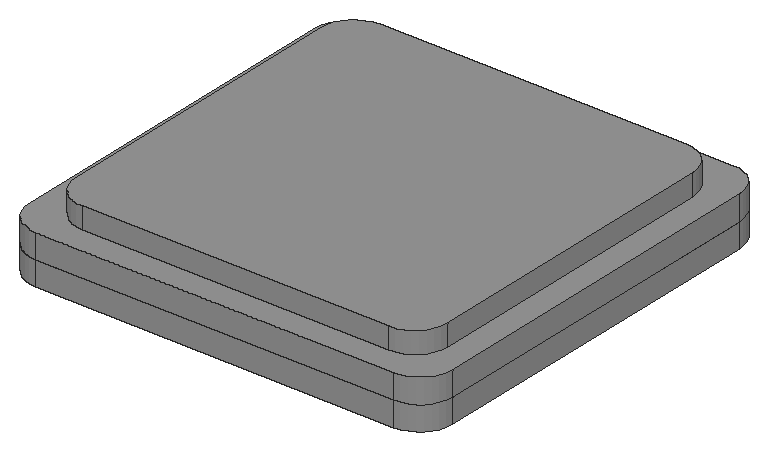
Revit family "FMS2_63_UN_Surface-mounted_ETK", category Lighting Fixtures, Revit 2019 (continued)
Definition of nested family "FMS.2 - Lightsource"
  Types (14, lengths in mm): name | Wattage Comments | Wattage | built-in parameter 1150134 | Photometric Web File | built-in parameter 1150142 | built-in parameter 1150105 | Lumens | built-in parameter 1150107 | built-in parameter 1150106 | Apparent Load
      556.659\t549.7902\t542.9214\t536.0526\t529.1838\t521.4564\r\n513.4428\t505.7154\t497.988\t490.2606\t482.247\t474.5196\t466.7922\t459.0648\t451.3374\t443.61\r\n435.8826\t428.1552\t420.4278\t412.7004\t404.973\t397.5318\t389.8044\t382.077\t374.0634\t366.0498\r\n358.0362\t350.0226\t342.009\t333.9954\t325.9818\t317.9682\t309.9546\t301.941\t294.2136\t286.2\r\n278.3009\t270.4018\t262.5026\t254.6035\t246.733\t238.8625\t231.6789\t224.4953\t217.3403\t210.1853\r\n203.0303\t195.8753\t188.7489\t181.6225\t174.5248\t167.3984\t160.3006\t153.2029\t146.1051\t139.036\r\n131.9382\t124.8691\t117.7999\t108.5557\t95.5336\t82.4828\t69.4607\t56.4386\t43.4165\t30.3944\r\n17.3752\t4.3531\t0\t0\t0\t0\t0\t0\t0\t0\r\n0\r\n985.6728\t984.8142\t983.9556\t983.3832\t982.2384\t981.3798\t980.5212\t979.6626\t978.804\t977.9454\r\n976.8006\t975.942\t975.0834\t973.9386\t973.08\t971.649\t970.5042\t969.0732\t967.9284\t966.7836\r\n965.925\t964.7802\t963.063\t961.632\t960.201\t957.6252\t954.7632\t951.9012\t949.3254\t946.4634\r\n943.6014\t940.4532\t937.5912\t934.443\t931.0086\t927.8604\t924.9984\t921.8502\t918.9882\t915.84\r\n912.4056\t908.9712\t905.5368\t902.1024\t898.9542\t895.806\t892.3716\t888.9372\t885.5028\t880.6374\r\n876.0582\t871.479\t866.8998\t862.3206\t857.4552\t852.5898\t847.4382\t842.5728\t837.7074\t832.842\r\n827.9766\t822.825\t817.9596\t813.0942\t808.515\t803.6496\t798.7842\t793.6326\t788.7672\t783.9018\r\n778.7502\t773.0262\t766.7298\t760.4334\t754.4232\t748.1268\t742.1166\t735.8202\t729.81\t723.2274\r\n716.931\t710.6346\t704.3382\t698.328\t692.0316\t685.7352\t679.725\t673.4286\t667.1322\t660.8358\r\n654.8256\t648.5292\t641.6604\t634.7916\t627.6366\t620.4816\t613.3266\t606.1716\t599.0166\t591.8616\r\n584.7066\t577.5516\t570.6828\t563.5278\t556.3728\t549.504\t542.349\t535.194\t528.039\t520.884\r\n514.0152\t506.8602\t498.8466\t491.1192\t483.1056\t475.3782\t467.3646\t459.6372\t451.9098\t443.8962\r\n436.1688\t428.4414\t420.714\t412.9866\t404.973\t397.2456\t389.5182\t381.5046\t373.7772\t366.0498\r\n358.3224\t350.3088\t342.2952\t334.2816\t326.268\t318.5406\t310.527\t302.5134\t294.4998\t286.7724\r\n278.816\t270.9455\t263.1037\t255.2618\t247.4199\t239.6066\t231.7934\t224.1232\t217.0255\t209.9277\r\n202.8586\t195.7894\t188.7489\t181.7084\t174.6965\t167.6846\t160.6727\t153.6608\t146.6775\t139.6656\r\n132.7109\t125.7277\t118.773\t111.8183\t102.1734\t89.0654\t75.9575\t62.8781\t49.7702\t36.6908\r\n23.5915\t10.4978\t0\t0\t0\t0\t0\t0\t0\t0\r\n0\r\n985.6728\t984.8142\t984.2418\t983.3832\t982.5246\t981.666\t980.5212\t979.6626\t978.804\t977.9454\r\n977.0868\t976.2282\t975.0834\t973.9386\t972.7938\t971.3628\t970.218\t969.0732\t968.2146\t966.7836\r\n965.3526\t963.9216\t962.2044\t960.7734\t959.3424\t957.9114\t956.4804\t953.6184\t950.7564\t947.6082\r\n944.46\t941.0256\t938.1636\t935.3016\t932.1534\t929.0052\t925.5708\t921.8502\t918.4158\t915.2676\r\n912.1194\t908.9712\t905.2506\t901.8162\t898.3818\t894.9474\t891.513\t888.0786\t884.358\t880.6374\r\n876.6306\t872.6238\t867.7584\t863.1792\t858.3138\t853.1622\t848.2968\t843.4314\t838.2798\t833.1282\r\n828.2628\t823.1112\t817.9596\t813.0942\t807.9426\t802.791\t797.6394\t792.4878\t787.3362\t782.1846\r\n777.033\t771.8814\t766.7298\t761.5782\t756.4266\t750.1302\t743.8338\t737.5374\t731.241\t724.9446\r\n718.6482\t712.0656\t705.7692\t699.1866\t692.604\t686.0214\t679.725\t673.1424\t666.846\t660.2634\r\n653.967\t647.3844\t640.8018\t634.5054\t627.9228\t621.6264\t614.7576\t607.3164\t600.1614\t592.7202\r\n585.5652\t578.124\t570.969\t563.5278\t556.3728\t549.2178\t541.7766\t534.6216\t527.4666\t520.3116\r\n512.8704\t505.7154\t498.5604\t491.4054\t484.2504\t476.8092\t468.7956\t460.782\t453.0546\t445.041\r\n437.3136\t429.3\t421.2864\t413.2728\t405.5454\t397.5318\t389.8044\t381.7908\t374.0634\t366.0498\r\n358.3224\t350.595\t342.8676\t334.854\t326.8404\t318.8268\t311.0994\t303.0858\t295.0722\t287.3448\r\n279.3884\t271.5179\t263.6474\t255.8056\t247.9923\t240.179\t232.3944\t224.6384\t216.911\t209.2981\r\n202.2862\t195.3315\t188.3482\t181.3936\t174.4675\t167.5415\t160.6441\t153.7466\t146.8778\t140.009\r\n133.1689\t126.3287\t119.4885\t112.6769\t105.8654\t96.6211\t83.4273\t70.2621\t57.0969\t43.9031\r\n30.7379\t17.5498\t4.3703\t0\t0\t0\t0\t0\t0\t0\r\n0\r\n985.6728\t985.1004\t984.2418\t983.3832\t982.5246\t981.666\t980.8074\t979.9488\t979.0902\t978.2316\r\n977.373\t976.5144\t975.3696\t973.9386\t972.5076\t971.649\t970.5042\t969.3594\t967.9284\t966.4974\r\n964.7802\t963.3492\t961.632\t960.201\t958.77\t957.339\t955.6218\t953.6184\t951.9012\t948.753\r\n945.891\t943.029\t939.5946\t936.1602\t932.4396\t929.2914\t926.1432\t922.995\t919.5606\t915.84\r\n912.4056\t908.9712\t905.5368\t902.1024\t898.0956\t894.0888\t890.3682\t886.6476\t883.2132\t879.4926\r\n875.4858\t871.479\t867.4722\t863.4654\t859.4586\t854.8794\t849.7278\t844.8624\t839.7108\t834.273\r\n829.1214\t823.6836\t818.532\t813.3804\t807.9426\t802.791\t797.6394\t792.4878\t787.3362\t781.8984\r\n776.4606\t771.0228\t765.585\t760.1472\t754.7094\t748.9854\t743.5476\t737.8236\t732.672\t726.6618\r\n720.0792\t713.4966\t706.914\t700.3314\t693.7488\t687.1662\t680.5836\t674.001\t667.1322\t660.5496\r\n653.967\t647.0982\t640.5156\t633.933\t627.0642\t620.4816\t613.899\t607.3164\t600.4476\t593.865\r\n586.9962\t579.555\t572.1138\t564.6726\t557.2314\t549.7902\t542.349\t534.9078\t527.4666\t520.0254\r\n512.5842\t505.4292\t497.988\t490.5468\t483.1056\t475.9506\t468.5094\t461.3544\t453.9132\t446.472\r\n438.4584\t430.4448\t422.4312\t414.1314\t406.1178\t398.1042\t390.0906\t382.077\t374.3496\t366.336\r\n358.3224\t350.595\t342.5814\t334.854\t326.8404\t319.113\t311.3856\t303.372\t295.3584\t287.631\r\n279.6746\t271.8328\t264.0481\t256.2635\t248.5075\t240.7514\t233.024\t225.3253\t217.6551\t209.9849\r\n202.3434\t194.7019\t187.7472\t180.907\t174.0668\t167.2553\t160.4723\t153.718\t146.9637\t140.238\r\n133.5123\t126.8152\t120.1181\t113.4497\t106.8098\t100.17\t92.0992\t78.7909\t65.4826\t52.1743\r\n38.866\t25.5577\t12.2465\t0\t0\t0\t0\t0\t0\t0\r\n0\r\n985.6728\t985.1004\t984.2418\t983.6694\t982.8108\t981.9522\t981.0936\t980.235\t979.6626\t978.804\r\n977.6592\t976.5144\t975.3696\t973.9386\t972.7938\t971.9352\t970.7904\t969.0732\t967.6422\t966.2112\r\n964.494\t963.063\t961.3458\t959.9148\t958.1976\t956.1942\t954.1908\t952.7598\t951.0426\t949.3254\r\n946.7496\t943.8876\t940.4532\t937.5912\t934.443\t931.0086\t927.288\t923.8536\t920.4192\t916.9848\r\n913.2642\t909.2574\t905.5368\t901.8162\t898.3818\t894.6612\t890.6544\t886.3614\t882.3546\t878.3478\r\n874.341\t870.3342\t866.3274\t862.3206\t857.7414\t853.4484\t849.1554\t844.8624\t840.5694\t836.5626\r\n831.411\t826.2594\t820.8216\t815.0976\t809.3736\t803.9358\t798.2118\t792.774\t787.05\t781.6122\r\n775.8882\t770.4504\t765.0126\t759.5748\t753.8508\t748.1268\t742.4028\t736.6788\t730.9548\t725.2308\r\n719.5068\t713.7828\t708.0588\t702.3348\t696.3246\t689.4558\t682.587\t675.7182\t668.8494\t661.9806\r\n655.1118\t648.5292\t641.3742\t634.5054\t627.3504\t620.4816\t613.6128\t606.744\t599.8752\t592.7202\r\n585.8514\t578.9826\t572.1138\t565.245\t558.09\t551.5074\t543.78\t536.3388\t528.6114\t520.884\r\n513.1566\t505.4292\t497.988\t490.5468\t482.8194\t475.3782\t467.937\t460.2096\t452.7684\t445.3272\r\n437.886\t430.4448\t423.0036\t415.5624\t407.835\t399.5352\t391.5216\t383.2218\t375.2082\t367.1946\r\n359.181\t351.1674\t343.1538\t335.1402\t327.1266\t319.113\t311.3856\t303.372\t295.6446\t287.9172\r\n280.0181\t272.1762\t264.3629\t256.5783\t248.8509\t241.1235\t233.4533\t225.8118\t218.2275\t210.6432\r\n203.0875\t195.5605\t188.062\t180.5922\t173.38\t166.6829\t159.9858\t153.346\t146.7347\t140.1235\r\n133.5695\t127.0156\t120.4902\t113.9648\t107.4681\t101\t94.5319\t88.0637\t75.0416\t61.5616\r\n48.0816\t34.573\t21.0872\t7.5929\t0\t0\t0\t0\t0\t0\r\n0\r\n985.6728\t985.1004\t984.528\t983.6694\t982.8108\t981.9522\t981.3798\t980.8074\t979.9488\t979.0902\r\n978.2316\t976.8006\t975.3696\t974.2248\t973.3662\t972.2214\t970.7904\t969.0732\t967.6422\t965.925\r\n964.494\t962.7768\t961.3458\t959.3424\t957.339\t955.6218\t953.9046\t952.1874\t949.6116\t947.0358\r\n945.0324\t943.029\t941.0256\t938.4498\t935.874\t932.7258\t929.2914\t925.857\t921.8502\t918.1296\r\n914.409\t910.9746\t907.254\t903.2472\t898.9542\t894.9474\t890.9406\t886.9338\t882.6408\t878.634\r\n874.341\t869.7618\t865.4688\t861.1758\t856.8828\t852.5898\t848.2968\t844.0038\t839.4246\t834.5592\r\n829.6938\t825.1146\t820.2492\t815.67\t811.0908\t806.2254\t800.5014\t795.0636\t789.3396\t783.6156\r\n777.6054\t771.5952\t765.585\t759.5748\t753.8508\t747.8406\t742.1166\t736.1064\t730.0962\t724.086\r\n718.0758\t712.3518\t706.3416\t700.3314\t694.3212\t688.0248\t682.0146\t676.0044\t669.9942\t663.984\r\n657.6876\t650.8188\t643.6638\t636.2226\t629.0676\t621.9126\t614.7576\t607.8888\t600.4476\t593.2926\r\n585.8514\t578.6964\t571.5414\t564.3864\t557.2314\t550.0764\t542.9214\t535.7664\t528.6114\t521.4564\r\n514.3014\t507.1464\t499.7052\t491.6916\t483.9642\t476.2368\t468.2232\t460.4958\t452.7684\t445.041\r\n437.3136\t429.5862\t422.145\t414.4176\t406.9764\t399.249\t391.8078\t384.3666\t376.9254\t368.9118\r\n360.8982\t352.5984\t344.2986\t335.9988\t327.9852\t319.9716\t311.958\t303.9444\t296.217\t288.2034\r\n280.2184\t272.3193\t264.4488\t256.6069\t248.9368\t241.2952\t233.6823\t226.1266\t218.5709\t211.0439\r\n203.5454\t196.1042\t188.6917\t181.3363\t174.0382\t166.7687\t159.4993\t152.7163\t146.2196\t139.7515\r\n133.312\t126.9297\t120.5474\t114.1938\t107.8688\t101.5724\t95.3046\t89.0368\t82.7977\t72.4372\r\n58.6424\t44.8762\t31.0813\t17.3037\t3.5117\t0\t0\t0\t0\t0\r\n0\r\n985.6728\t985.1004\t984.528\t983.9556\t983.097\t982.2384\t981.666\t981.0936\t980.235\t979.3764\r\n978.2316\t976.8006\t975.942\t974.7972\t973.9386\t972.5076\t970.7904\t969.3594\t967.6422\t966.2112\r\n964.494\t963.063\t961.0596\t959.0562\t957.339\t955.6218\t953.3322\t950.7564\t948.4668\t946.4634\r\n944.46\t941.8842\t939.3084\t937.0188\t934.443\t931.8672\t929.0052\t926.1432\t923.5674\t920.9916\r\n917.271\t912.978\t908.685\t904.9644\t900.9576\t896.6646\t892.3716\t888.0786\t883.7856\t879.4926\r\n874.9134\t870.6204\t866.3274\t862.0344\t857.4552\t852.876\t848.0106\t843.1452\t838.2798\t833.4144\r\n828.8352\t824.256\t819.3906\t814.5252\t809.6598\t804.5082\t799.3566\t794.205\t788.7672\t783.6156\r\n778.464\t773.0262\t767.8746\t761.8644\t755.8542\t749.844\t743.8338\t737.5374\t731.241\t724.9446\r\n718.362\t712.0656\t706.0554\t699.759\t693.4626\t687.1662\t680.5836\t674.2872\t667.7046\t661.4082\r\n655.1118\t648.5292\t641.9466\t635.364\t629.0676\t622.7712\t616.1886\t609.606\t603.0234\t595.8684\r\n588.7134\t581.5584\t573.831\t566.3898\t558.9486\t551.2212\t543.4938\t536.0526\t528.3252\t520.884\r\n513.4428\t506.0016\t498.8466\t491.4054\t483.9642\t476.2368\t468.7956\t461.6406\t454.1994\t446.472\r\n438.4584\t430.4448\t422.4312\t414.7038\t406.6902\t398.9628\t390.9492\t383.2218\t375.4944\t367.4808\r\n359.7534\t352.3122\t344.5848\t336.8574\t329.4162\t321.4026\t313.389\t305.0892\t297.0756\t289.062\r\n280.9912\t273.0348\t265.1357\t257.2652\t249.4519\t241.6959\t233.9685\t226.2983\t218.6854\t211.187\r\n203.7458\t196.3618\t189.0065\t181.737\t174.4961\t167.3411\t160.2148\t153.1456\t146.1337\t139.1504\r\n132.6251\t126.3573\t120.1754\t113.9935\t107.8688\t101.7441\t95.6767\t89.6378\t83.599\t77.6174\r\n71.0062\t56.7821\t42.5579\t28.3309\t14.1011\t0\t0\t0\t0\t0\r\n0\r\n985.6728\t985.1004\t984.8142\t983.9556\t983.3832\t982.5246\t981.9522\t981.3798\t980.8074\t979.9488\r\n978.5178\t977.373\t976.5144\t975.6558\t974.2248\t972.7938\t971.0766\t969.6456\t967.9284\t966.4974\r\n965.0664\t963.063\t961.0596\t959.3424\t957.6252\t955.3356\t952.7598\t950.4702\t948.4668\t946.1772\r\n943.6014\t941.0256\t938.4498\t936.1602\t933.2982\t930.15\t927.5742\t924.9984\t922.1364\t918.702\r\n915.2676\t912.4056\t909.2574\t905.823\t902.3886\t898.9542\t894.9474\t890.3682\t886.0752\t881.7822\r\n877.4892\t873.1962\t868.3308\t863.7516\t858.8862\t854.0208\t849.1554\t844.29\t839.7108\t834.5592\r\n829.6938\t824.5422\t819.3906\t814.239\t809.0874\t803.6496\t798.498\t793.0602\t787.6224\t782.1846\r\n776.7468\t771.5952\t766.1574\t760.4334\t754.7094\t748.9854\t743.2614\t737.5374\t731.8134\t726.0894\r\n720.3654\t714.9276\t708.345\t701.7624\t694.8936\t688.311\t681.7284\t674.8596\t668.277\t661.6944\r\n654.8256\t648.243\t641.6604\t634.7916\t627.9228\t621.3402\t614.4714\t607.6026\t600.7338\t593.865\r\n586.9962\t580.1274\t572.9724\t566.1036\t559.2348\t552.6522\t545.7834\t539.2008\t532.0458\t524.0322\r\n516.3048\t508.2912\t500.2776\t492.5502\t484.5366\t476.8092\t469.0818\t461.3544\t453.627\t445.8996\r\n438.1722\t430.4448\t422.7174\t414.99\t407.2626\t399.5352\t391.8078\t384.0804\t376.0668\t368.0532\r\n360.0396\t352.026\t344.0124\t336.285\t328.2714\t320.2578\t312.5304\t304.803\t297.0756\t289.3482\r\n281.907\t274.3227\t266.2232\t258.181\t250.196\t242.2969\t234.455\t226.7276\t219.0575\t211.4446\r\n203.8889\t196.4191\t188.9779\t181.7084\t174.5248\t167.427\t160.4151\t153.4604\t146.563\t139.7515\r\n132.9971\t126.3001\t119.6888\t113.3924\t107.4109\t101.4865\t95.6194\t89.7809\t83.9711\t78.1898\r\n72.4658\t66.7418\t56.2097\t41.2987\t26.3819\t11.4394\t0\t0\t0\t0\r\n0\r\n985.6728\t985.3866\t984.8142\t984.2418\t983.3832\t983.097\t982.5246\t981.9522\t981.3798\t980.235\r\n979.0902\t977.9454\t977.0868\t976.2282\t974.7972\t973.08\t971.649\t969.9318\t968.5008\t967.0698\r\n965.3526\t963.3492\t961.632\t959.9148\t957.6252\t955.0494\t952.7598\t950.7564\t948.4668\t945.891\r\n943.6014\t941.0256\t938.4498\t935.3016\t932.4396\t929.8638\t927.288\t923.8536\t920.4192\t917.271\r\n914.1228\t910.9746\t907.5402\t904.1058\t900.3852\t896.6646\t892.944\t889.5096\t885.789\t882.0684\r\n878.0616\t874.0548\t870.048\t865.755\t861.462\t857.169\t852.3036\t847.152\t842.2866\t837.135\r\n831.9834\t826.8318\t821.6802\t816.2424\t811.0908\t805.3668\t799.929\t794.205\t788.7672\t783.3294\r\n777.6054\t771.8814\t766.1574\t760.4334\t754.7094\t748.6992\t742.689\t736.6788\t730.6686\t724.6584\r\n718.6482\t712.3518\t706.3416\t700.0452\t694.035\t687.7386\t681.4422\t675.1458\t669.1356\t662.8392\r\n655.9704\t649.3878\t643.0914\t636.795\t630.2124\t623.0574\t615.9024\t608.7474\t601.5924\t594.1512\r\n586.9962\t579.8412\t572.6862\t565.5312\t558.09\t550.935\t543.4938\t536.3388\t528.8976\t521.7426\r\n514.3014\t507.1464\t499.9914\t492.8364\t485.6814\t478.2402\t471.0852\t463.644\t456.489\t448.7616\r\n440.4618\t432.162\t424.1484\t416.1348\t408.1212\t400.1076\t392.094\t384.0804\t375.7806\t367.767\r\n360.0396\t352.3122\t344.2986\t336.5712\t328.8438\t321.1164\t313.389\t305.3754\t297.0756\t289.062\r\n281.077\t273.2638\t265.4791\t257.7803\t250.0816\t242.4686\t234.9416\t227.5576\t220.2881\t212.5321\r\n204.7761\t197.1059\t189.5216\t182.0518\t174.7537\t167.5701\t160.4723\t153.4891\t146.563\t139.7801\r\n133.083\t126.4718\t119.9464\t113.5069\t107.1533\t100.8569\t94.7608\t89.1227\t83.5418\t78.0181\r\n72.5231\t67.0853\t61.7047\t56.3242\t41.3559\t25.2972\t9.2128\t0\t0\t0\r\n0\r\n985.6728\t985.3866\t984.8142\t984.2418\t983.6694\t983.3832\t982.8108\t982.2384\t981.666\t980.8074\r\n979.3764\t978.5178\t977.9454\t976.8006\t975.3696\t973.9386\t972.2214\t970.7904\t969.3594\t967.6422\r\n965.925\t963.9216\t962.2044\t960.4872\t957.9114\t955.3356\t953.3322\t951.3288\t948.753\t946.4634\r\n943.8876\t941.3118\t938.4498\t935.3016\t932.7258\t930.15\t926.7156\t923.2812\t919.8468\t916.9848\r\n913.5504\t910.116\t906.6816\t902.961\t899.2404\t895.5198\t891.7992\t888.3648\t884.358\t880.3512\r\n876.3444\t871.7652\t867.4722\t863.4654\t859.1724\t854.8794\t850.3002\t845.721\t841.1418\t836.5626\r\n831.9834\t827.118\t822.5388\t817.3872\t812.2356\t807.3702\t802.2186\t797.3532\t792.2016\t786.7638\r\n781.326\t775.602\t769.5918\t763.2954\t757.2852\t750.9888\t744.9786\t738.9684\t732.9582\t726.6618\r\n720.3654\t714.069\t707.7726\t701.4762\t694.8936\t688.5972\t682.0146\t675.432\t668.5632\t661.9806\r\n655.1118\t648.5292\t641.9466\t635.364\t628.4952\t621.6264\t614.7576\t607.8888\t601.02\t594.1512\r\n586.9962\t580.1274\t572.9724\t566.1036\t558.9486\t551.7936\t544.6386\t537.7698\t530.6148\t523.746\r\n516.3048\t508.5774\t500.5638\t492.8364\t485.109\t477.3816\t469.6542\t461.9268\t454.1994\t446.472\r\n438.7446\t431.0172\t423.0036\t415.2762\t407.835\t400.1076\t392.3802\t384.6528\t377.2116\t369.4842\r\n362.043\t354.3156\t346.5882\t338.2884\t329.9886\t321.975\t313.6752\t305.3754\t297.3618\t289.3482\r\n281.4491\t273.5213\t265.6508\t257.8948\t250.2247\t242.669\t235.0847\t227.2714\t219.5154\t211.8739\r\n204.3468\t196.9056\t189.5789\t182.3666\t175.3261\t168.4001\t161.3309\t154.1473\t147.1068\t140.1521\r\n133.3692\t126.7294\t120.204\t113.7645\t107.5253\t101.4007\t95.3618\t89.4089\t83.5418\t77.7892\r\n72.4372\t67.2284\t62.1054\t57.0397\t52.0312\t44.0748\t25.7923\t7.4555\t0\t0\r\n0\r\n985.6728\t985.3866\t985.1004\t984.528\t983.9556\t983.6694\t983.3832\t982.8108\t982.2384\t981.0936\r\n979.9488\t979.3764\t978.804\t977.373\t976.2282\t974.511\t973.08\t971.649\t970.218\t968.5008\r\n966.7836\t965.0664\t963.3492\t961.0596\t958.77\t956.4804\t954.477\t952.1874\t949.8978\t947.322\r\n944.7462\t941.8842\t939.0222\t936.1602\t933.5844\t930.7224\t927.0018\t923.5674\t920.7054\t917.271\r\n914.1228\t910.6884\t906.9678\t903.2472\t899.5266\t895.806\t892.0854\t888.3648\t884.358\t880.065\r\n875.4858\t871.1928\t866.8998\t862.893\t858.3138\t853.7346\t849.1554\t844.29\t839.7108\t834.8454\r\n830.2662\t825.4008\t820.2492\t814.8114\t809.946\t805.0806\t799.929\t794.7774\t789.6258\t784.188\r\n778.7502\t773.0262\t767.3022\t761.5782\t755.8542\t750.4164\t744.6924\t738.9684\t733.2444\t727.2342\r\n721.224\t715.2138\t709.2036\t703.1934\t696.897\t690.8868\t684.5904\t678.0078\t671.4252\t665.1288\r\n658.8324\t652.536\t645.9534\t638.7984\t631.9296\t625.0608\t618.192\t610.7508\t603.3096\t596.1546\r\n589.2858\t581.8446\t574.4034\t567.2484\t560.0934\t552.9384\t545.4972\t537.7698\t530.3286\t522.6012\r\n515.16\t507.7188\t500.2776\t492.5502\t485.109\t477.3816\t469.9404\t462.213\t454.4856\t446.7582\r\n439.0308\t431.0172\t423.576\t415.8486\t408.1212\t400.3938\t392.6664\t385.2252\t377.4978\t369.7704\r\n361.4706\t353.457\t345.1572\t337.1436\t328.8438\t321.1164\t313.389\t305.3754\t297.3618\t289.3482\r\n281.5922\t273.8362\t266.1374\t258.5245\t250.9974\t243.5276\t236.0864\t228.33
      04\t220.3454\t212.5035\r\n204.7475\t197.1918\t189.6934\t182.2808\t175.0113\t167.8277\t160.8158\t153.8325\t146.8778\t140.0949\r\n133.3978\t126.9011\t120.6047\t114.5086\t108.155\t101.6869\t95.4477\t89.4661\t83.7421\t78.1326\r\n72.6376\t67.2856\t62.0768\t57.0397\t52.4032\t47.8813\t43.4452\t29.5072\t6.0932\t0\r\n0\r\n985.6728\t985.3866\t985.1004\t984.8142\t984.2418\t983.9556\t983.6694\t983.3832\t983.097\t981.9522\r\n980.5212\t980.235\t979.6626\t978.2316\t977.0868\t975.6558\t973.9386\t972.7938\t971.3628\t969.6456\r\n967.9284\t966.2112\t964.7802\t962.4906\t959.9148\t957.9114\t955.908\t953.6184\t951.3288\t949.0392\r\n946.4634\t943.3152\t940.4532\t937.8774\t935.3016\t931.8672\t928.1466\t924.9984\t922.1364\t918.9882\r\n915.5538\t912.1194\t908.685\t904.6782\t900.9576\t897.237\t893.8026\t889.7958\t885.5028\t881.2098\r\n876.6306\t872.3376\t868.3308\t863.7516\t859.4586\t854.5932\t850.014\t845.1486\t840.2832\t835.4178\r\n830.8386\t825.687\t820.2492\t815.3838\t810.5184\t805.3668\t800.2152\t795.0636\t789.6258\t784.188\r\n778.1778\t772.74\t767.016\t761.0058\t754.9956\t749.5578\t744.12\t738.1098\t732.0996\t725.8032\r\n719.793\t713.4966\t707.4864\t701.4762\t695.1798\t688.5972\t682.0146\t675.7182\t669.1356\t662.553\r\n656.2566\t649.674\t642.8052\t636.2226\t629.9262\t623.0574\t615.9024\t608.7474\t602.1648\t595.0098\r\n588.141\t581.2722\t574.4034\t567.2484\t560.0934\t552.6522\t545.211\t538.056\t530.6148\t523.4598\r\n516.3048\t508.8636\t501.4224\t493.9812\t486.54\t479.0988\t471.6576\t463.9302\t456.2028\t448.4754\r\n441.0342\t433.593\t425.8656\t418.1382\t410.1246\t402.3972\t394.6698\t387.2286\t379.215\t370.9152\r\n362.9016\t354.888\t346.5882\t338.5746\t330.2748\t321.975\t313.9614\t305.9478\t297.9342\t289.9206\r\n281.907\t273.8934\t266.0515\t258.2383\t250.3964\t242.5259\t234.7985\t227.1856\t219.5726\t212.017\r\n204.4899\t197.0773\t189.7506\t182.5384\t175.1544\t167.9422\t160.8158\t153.7466\t146.792\t140.1521\r\n133.6554\t127.2731\t121.0054\t114.709\t107.9546\t101.4007\t95.3332\t89.3803\t83.6849\t77.9895\r\n72.4945\t67.3429\t62.2199\t56.9538\t51.9739\t47.5092\t43.4738\t40.2397\t37.5494\t5.3004\r\n0" | 222.82 (stored number, unit not read) | 2800 lm | 3000 (stored number, unit not read) | 2.2282 (stored number, unit not read) | 38 VA
